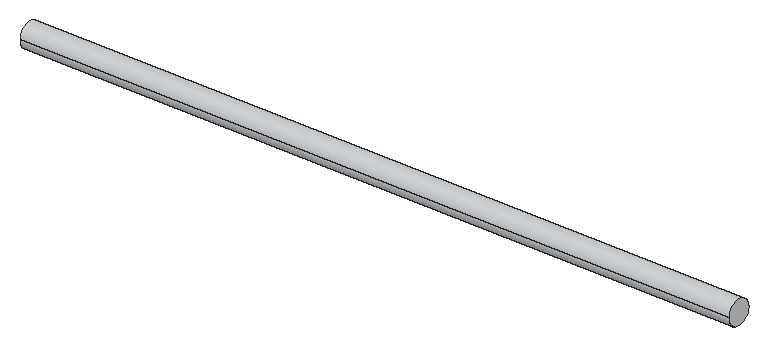
Revit family "RYN_GEN_Pole", category Generic Models, Revit 2025
Family settings
  Can host rebar = No
  Round Connector Dimension = Use Diameter
  Part Type = Normal
  Cut with Voids When Loaded = No
  Maintain Annotation Orientation = No
  Shared = No
  Room Calculation Point = No
Parameters
  built-in parameter 1001306 [instance] = 1200 mm
  Diameter [instance] = 40 mm
  Default Elevation = 0 mm
Reference planes
  plane 1 "Center (Front/Back)": y = 0
  plane 2: z = 0
  plane 3 "Left": x = 0
  plane 4 "Right": x = 1200
Forms (mm)
  Sweep 1, solid
    path origin (0, 0, 0) x (1, 0, 0) y (0, 1, 0)
      loop
        line (0, 0) -> (1200, 0)
    profile origin (600, 0, 0) x (0, 1, 0) y (0, 0, 1)
      loop
        circle (0, 0) r 20
Lines and regions (mm)
  reference lines
    curve 1: line (0, 0, 0) -> (1200, 0, 0)
Dimensions and locks
  "built-in parameter 1001306": plane 3 "Left" to plane 4 "Right"
  "Diameter": diameter of Sweep 1 sketch curve
  aligned and locked: plane 4 "Right" to curve 1
  aligned and locked: plane 1 "Center (Front/Back)" to curve 1
  aligned and locked: plane 3 "Left" to curve 1
  aligned and locked: level to plane 2
  aligned and locked: Sweep 1 sketch curve to curve 1
  aligned and locked: plane 3 "Left" to Sweep 1 sketch curve
  aligned and locked: plane 4 "Right" to Sweep 1 sketch curve
Automatic sketch dimensions
  Sweep 1 sketch curve to level = 0 mm
  Sweep 1 sketch curve to profile plane = 0 mm
